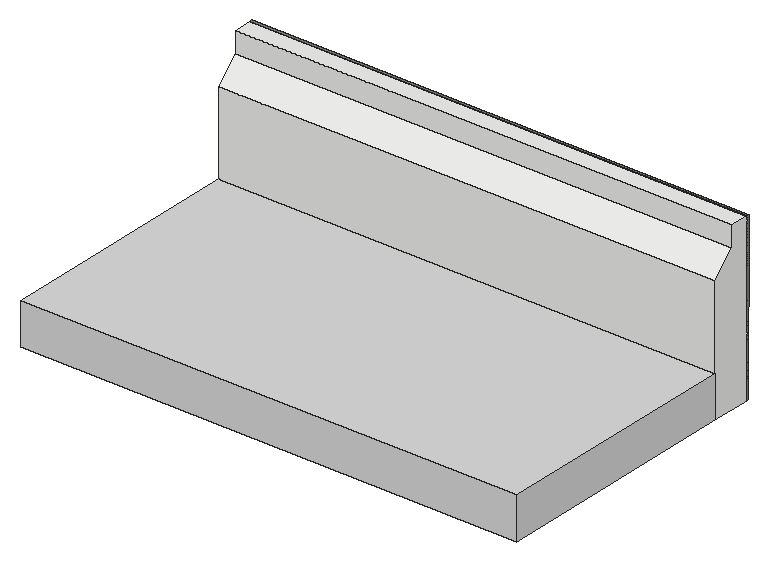
Revit family "Legalett_L-Element_Fibercement_FOT-XPS300", category Structural Foundations, Revit 2024
Family settings
  Material for Model Behavior = Other
  Cap = No
  OmniClass Number = 23.25.05.00
  OmniClass Title = Foundations
  Work Plane-Based = No
  Always vertical = Yes
  Cut with Voids When Loaded = No
  Shared = No
  Show family pre-cut in plan views = Yes
Parameters (values of type "L400 Linatex XPS300")
  Width = 600 mm
  Type Comments = "21350-400"
  Thickness foot = 100 mm
  Thickness = 100 mm
  Structural Material = Default
  Model = "Kantelement L400 Linatex XPS300"
  Manufacturer = "Legalett"
  Length [instance] = 1200 mm
  Keynote = ""
  Foundation Thickness = 400 mm
  Foundation Length [instance] = Length  # 1200 mm
  Description = ""
  Assembly Code = ""
Types (4, lengths in mm): name | Type Comments | Model | Foundation Thickness
  L300 Linatex XPS300 | "21350-300" | "Kantelement L300 Linatex XPS300" | 300
  L400 Linatex XPS300 | "21350-400" | "Kantelement L400 Linatex XPS300" | 400
  L450 Linatex XPS300 | "21350-450" | "Kantelement L450 Linatex XPS300" | 450
  L500 Linatex XPS300 | "21350-500" | "Kantelement L500 Linatex XPS300" | 500
Reference planes
  plane 1 "Center (Front/Back)": y = 0
  plane 2: z = 0
  plane 3 "Center (Left/Right)": x = 0
  plane 4: x = -600
  plane 5: x = 600
  plane 6: y = -275
  plane 7: z = 400
  plane 8: z = 350
  plane 9: z = 300
  plane 10: y = 325
  plane 11: y = 425
Forms (mm)
  Extrusion 1, solid, material "EPS100"
    sketch origin (0, 0, 0) x (0, 1, 0) y (0, 0, 1)
      loop
        line (375, 350) -> (325, 300) -> (325, 0) -> (419, 0) -> (419, 400) -> (375, 400) -> (375, 350)
    from -600 to 600
  Extrusion 2, solid, material "Element Fibercement"
    sketch origin (0, 0, 0) x (0, 1, 0) y (0, 0, 1)
      loop
        line (425, 400) -> (419, 400) -> (419, 0) -> (425, 0) -> (425, 400)
    from -600 to 600
  Extrusion 3, solid, material "XPS300"
    sketch origin (0, 0, 0) x (0, 1, 0) y (0, 0, 1)
      loop
        line (325, 0) -> (325, 100) -> (-275, 100) -> (-275, 0) -> (325, 0)
    from -600 to 600
Dimensions and locks
  equal spacing: plane 4, plane 3 "Center (Left/Right)", plane 5
  "Length": plane 4 to plane 5
  plane 1 "Center (Front/Back)" to plane 6 = 275 mm
  locked: Extrusion 1 sketch curve to Extrusion 1 sketch curve at 50
  locked: plane 9 to Extrusion 1 sketch curve at 50
  "Thickness": plane 11 to plane 10
  "Foundation Thickness": plane 7 to level
  locked: plane 7 to plane 9 at 100
  "Thickness foot": Extrusion 3 to Extrusion 3
  "Width": plane 10 to plane 6
  aligned and locked: plane 2 to level
  aligned and locked: plane 5 to Extrusion 2
  aligned and locked: Extrusion 2 to plane 4
  aligned and locked: Extrusion 1 to plane 4
  aligned and locked: plane 5 to Extrusion 1
  aligned and locked: plane 7 to Extrusion 2 sketch curve
  aligned and locked: Extrusion 2 sketch curve to plane 2
  aligned and locked: Extrusion 1 to Extrusion 3
  aligned and locked: Extrusion 1 to plane 10
  aligned and locked: Extrusion 2 to Extrusion 1
  aligned and locked: Extrusion 1 to level
  aligned and locked: plane 11 to Extrusion 2
  aligned and locked: Extrusion 3 to plane 4
  aligned and locked: plane 5 to Extrusion 3
  aligned and locked: Extrusion 3 to level
Automatic sketch dimensions
  Extrusion 3 sketch curve to level = 0 mm
  Extrusion 3 sketch curve to plane 6 = 0 mm
  level to Extrusion 3 sketch curve = 100 mm
  Extrusion 3 sketch curve to plane 10 = 0 mm
  Extrusion 2 sketch curve to plane 11 = 0 mm
  plane 11 to Extrusion 2 sketch curve = 6 mm
  Extrusion 1 sketch curve to level = 0 mm
  Extrusion 1 sketch curve to plane 10 = 0 mm
  plane 9 to Extrusion 1 sketch curve = 0 mm
  plane 11 to Extrusion 1 sketch curve = 6 mm
  plane 10 to Extrusion 1 sketch curve = 50 mm
